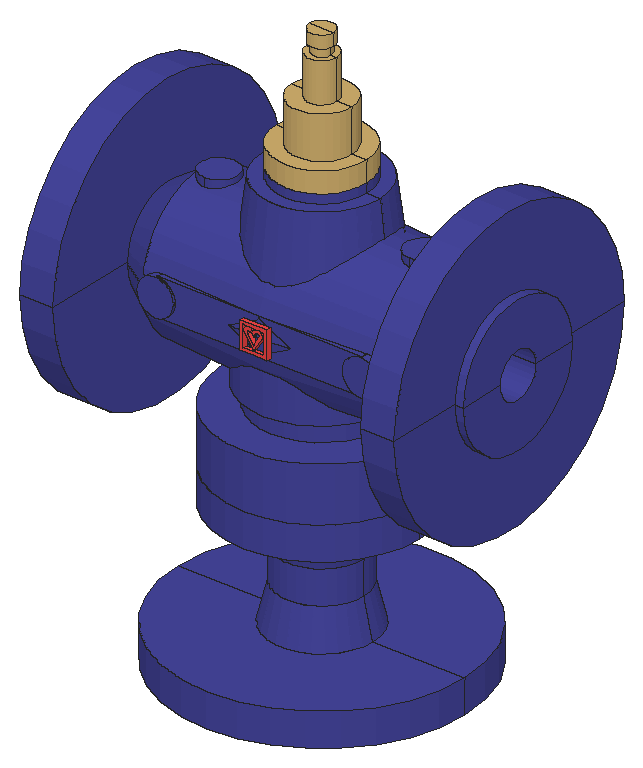
Revit family "Three Port Mixing & Diverting Valves 4037", category Rohrzubehör, Revit 2021
Family settings
  Bemaßung runder Anschluss = Durchmesser verwenden
  Teiletyp = Unterbricht
  OmniClass-Nummer = 23.65.55.14
  OmniClass-Titel = Valves for Liquid Services
  Arbeitsebenenbasiert = Nein
  Immer vertikal = Ja
  Beim Laden mit Abzugskörper schneiden = Nein
  Gemeinsam genutzt = Nein
Parameters (values of type "kvs1.6")
  kvs63 = no
  kvs6.3 = no
  kvs40 = no
  kvs4 = no
  kvs330 = no
  kvs250 = no
  kvs25 = no
  kvs2.5 = no
  kvs160 = no
  kvs16 = no
  kvs100 = no
  kvs10 = no
  kvs1.6 = yes
  kvs1 = no
  Weight [instance] = size_lookup("4037_", "Gewicht", 25, Nennweite)  # 5
  Vorgabe-Ansicht = 0 mm
  Valve seat material = "WN1.4021"  # constant formula
  Valve cones material = "WN1.4021/brass"  # constant formula
  Valve curves characteristic = "equal percentage"  # constant formula
  URL = "www.herzvalves.com"
  Stem material = "WN1.4404"  # constant formula
  SCTWSEQ = "FW;SBT_TYP_FW=\"101\";3"
  SCTWCODE = "04;05;03"  # constant formula
  SCRNSEQ = "ARM;ARM_TYP=\"MISV\";3"
  SCRNCODE = "05;18;03"  # constant formula
  R14 = 4 mm  # constant formula
  R13 = 3 mm  # constant formula
  R12 = 5 mm  # constant formula
  R11 [instance] = size_lookup("4037_", "R11", 18 mm, Nennweite)  # 10 mm
  R10 [instance] = size_lookup("4037_", "R10", 23 mm, Nennweite)  # 15 mm
  R09 [instance] = size_lookup("4037_", "R9", 49 mm, Nennweite)  # 19.5 mm
  R08 [instance] = R00 + 3 mm  # 29.5 mm
  R07 [instance] = size_lookup("4037_", "R7", 15.5 mm, Nennweite)  # 6 mm
  R06 [instance] = size_lookup("4037_", "R6", 15.5 mm, Nennweite)  # 6 mm
  R05 [instance] = size_lookup("4037_", "R5", 62.5 mm, Nennweite)  # 24 mm
  R04 [instance] = size_lookup("4037_", "R4", 59.5 mm, Nennweite)  # 21 mm
  R03 [instance] = size_lookup("4037_", "R3", 43 mm, Nennweite)  # 32.5 mm
  R02 [instance] = size_lookup("4037_", "R2", 43 mm, Nennweite)  # 14 mm
  R01 [instance] = size_lookup("4037_", "R1", 55.5 mm, Nennweite)  # 17 mm
  R00 [instance] = size_lookup("4037_", "R", 65 mm, Nennweite)  # 26.5 mm
  Part number [instance] = if(and(kvs1, Nennweite = 15 mm), 403701, if(and(kvs1.6, Nennweite = 15 mm), 403711, if(and(kvs2.5, Nennweite = 15 mm), 403721, if(and(kvs4, Nennweite = 15 mm), 403731, if(and(kvs6.3, Nennweite = 25 mm), 403703, if(and(kvs10, Nennweite = 25 mm), 403713, if(and(kvs16, Nennweite = 32 mm), 403704, if(and(kvs25, Nennweite = 40 mm), 403705, if(and(kvs40, Nennweite = 50 mm), 403706, if(and(kvs63, Nennweite = 65 mm), 403707, if(and(kvs100, Nennweite = 80 mm), 403708, if(and(kvs160, Nennweite = 100 mm), 403709, if(and(kvs250, Nennweite = 125 mm), 403710, if(and(kvs330, Nennweite = 150 mm), 403741, 0))))))))))))))  # 403711
  PN = 16  # constant formula
  Nennweite [instance] = 15 mm
  min. Operating temperature = 5 °C  # constant formula
  max. Operating temperature = 150 °C  # constant formula
  max. Operating pressure = 1600000.0 Pa  # constant formula
  Medium = "water purity in accordance with the ÖNORM H 5195 and VDI 2035 standards"
  LO1 [instance] = size_lookup("4037_", "LO1", 28.5 mm, Nennweite)  # 27.5 mm
  L07 [instance] = L06 - R06  # 34 mm
  L06 [instance] = size_lookup("4037_", "L6", 110 mm, Nennweite)  # 40 mm
  L05 [instance] = D00  # 47.5 mm
  L04 = 12.5 mm  # constant formula
  L03 = 10 mm  # constant formula
  L02 [instance] = size_lookup("4037_", "L2", 15 mm, Nennweite)  # 11 mm
  L01 = 3 mm  # constant formula
  L00 [instance] = size_lookup("4037_", "L", 145 mm, Nennweite)  # 65 mm
  Hersteller = "Herz-Armaturen GmbH"  # constant formula
  H16 [instance] = size_lookup("4037_", "H16", 22 mm, Nennweite)  # 18 mm
  H15 = 4 mm  # constant formula
  H14 [instance] = size_lookup("4037_", "H14", 17 mm, Nennweite)  # 13 mm
  H13 [instance] = size_lookup("4037_", "H13", 18 mm, Nennweite)  # 14 mm
  H12 [instance] = size_lookup("4037_", "H12", 10.5 mm, Nennweite)  # 6.8 mm
  H11 [instance] = size_lookup("4037_", "H11", 52.5 mm, Nennweite)  # 40.8 mm
  H10 [instance] = size_lookup("4037_", "H10", 135.4 mm, Nennweite)  # 80.3 mm
  H09 = 3 mm  # constant formula
  H08 [instance] = size_lookup("4037_", "H8", 79 mm, Nennweite)  # 36.5 mm
  H07 [instance] = R00  # 26.5 mm
  H06 [instance] = size_lookup("4037_", "H6", 59 mm, Nennweite)  # 24.5 mm
  H05 [instance] = size_lookup("4037_", "H5", 20 mm, Nennweite)  # 5 mm
  H04 [instance] = size_lookup("4037_", "H4", 17 mm, Nennweite)  # 13 mm
  H02 [instance] = size_lookup("4037_", "H2", 38 mm, Nennweite)  # 11 mm
  H01 [instance] = size_lookup("4037_", "H1", 208 mm, Nennweite)  # 110 mm
  H03 [instance] = size_lookup("4037_", "H3", 112 mm, Nennweite)  # 49 mm
  Valve body material = "EN-GJL-250"  # constant formula
  Sealing element material = "70EPDM"  # constant formula
  DN80 [instance] = Nennweite = 80 mm  # no
  DN65 [instance] = Nennweite = 65 mm  # no
  DN50 [instance] = Nennweite = 50 mm  # no
  DN40 [instance] = Nennweite = 40 mm  # no
  DN32 [instance] = Nennweite = 32 mm  # no
  DN25 [instance] = Nennweite = 25 mm  # no
  DN150 [instance] = Nennweite = 150 mm  # no
  DN15 [instance] = Nennweite = 15 mm  # yes
  DN125 [instance] = Nennweite = 125 mm  # no
  DN100 [instance] = Nennweite = 100 mm  # no
  D02 [instance] = Nennweite / 2  # 7.5 mm
  D01 [instance] = size_lookup("4037_", "D1", 61 mm, Nennweite)  # 22.5 mm
  D00 [instance] = size_lookup("4037_", "D", 92.5 mm, Nennweite)  # 47.5 mm
  Description = "the three port flanged valve is designed to control the flow rate of circulation water in pipelines.\r\nvalve stem with cone is moved by acting of electric actuator controlled by microprocessor controller.\r\ncirculation medium could be cold, warm and hot water in temperature range from 5°C up to 150°C.\r\n\r\nthe valve is utilized in almost all heating, ventilation and air-conditioning systems and in industrial and technological processes.\r\nthe three port flanged valve is used as a mixing valve and in the case when it should change water circulation from one pipeline to another.\r\nthe valve curve is equal percentage.\r\nregulation ratio (ratio between nominal and minimal flow coefficient) is 30:1.\r\nselection of three-way flanged valve is according to diagram of kvs values."
  Type of connection = "EN 1092-2"  # constant formula
Types (15, lengths in mm): name | kvs63 | kvs6.3 | kvs40 | kvs4 | kvs330 | kvs250 | kvs25 | kvs2.5 | kvs160 | kvs16 | kvs100 | kvs10 | kvs1.6 | kvs1 | Weight | R11 | R10 | R09 | R08 | R07 | R06 | R05 | R04 | R03 | R02 | R01 | R00 | Part number | Nennweite | Medium | LO1 | L07 | L06 | L05 | L02 | L00 | H16 | H14 | H13 | H12 | H11 | H10 | H08 | H07 | H06 | H05 | H04 | H02 | H01 | H03 | DN80 | DN65 | DN50 | DN40 | DN32 | DN25 | DN150 | DN15 | DN125 | DN100 | D02 | D01 | D00
  (no name) | no | no | no | no | no | no | no | no | no | no | no | no | yes | no | 5 | 10 | 15 | 19.5 | 29.5 | 6 | 6 | 24 | 21 | 32.5 | 14 | 17 | 26.5 | 403711 | 15 | "water purity in accordance with the ÖNORM H 5195 and VDI 2035 standards" | 27.5 | 34 | 40 | 47.5 | 11 | 65 | 18 | 13 | 14 | 6.8 | 40.8 | 80.3 | 36.5 | 26.5 | 24.5 | 5 | 13 | 11 | 110 | 49 | no | no | no | no | no | no | no | yes | no | no | 7.5 | 22.5 | 47.5
  kvs1 | no | no | no | no | no | no | no | no | no | no | no | no | no | yes | 5 | 10 | 15 | 19.5 | 29.5 | 6 | 6 | 24 | 21 | 32.5 | 14 | 17 | 26.5 | 403701 | 15 | "water purity in accordance with the ÖNORM H 5195 and VDI 2035 standards" | 27.5 | 34 | 40 | 47.5 | 11 | 65 | 18 | 13 | 14 | 6.8 | 40.8 | 80.3 | 36.5 | 26.5 | 24.5 | 5 | 13 | 11 | 110 | 49 | no | no | no | no | no | no | no | yes | no | no | 7.5 | 22.5 | 47.5
  kvs1.6 | no | no | no | no | no | no | no | no | no | no | no | no | yes | no | 5 | 10 | 15 | 19.5 | 29.5 | 6 | 6 | 24 | 21 | 32.5 | 14 | 17 | 26.5 | 403711 | 15 | "water purity in accordance with the ÖNORM H 5195 and VDI 2035 standards" | 27.5 | 34 | 40 | 47.5 | 11 | 65 | 18 | 13 | 14 | 6.8 | 40.8 | 80.3 | 36.5 | 26.5 | 24.5 | 5 | 13 | 11 | 110 | 49 | no | no | no | no | no | no | no | yes | no | no | 7.5 | 22.5 | 47.5
  kvs2.5 | no | no | no | no | no | no | no | yes | no | no | no | no | no | no | 5 | 10 | 15 | 19.5 | 29.5 | 6 | 6 | 24 | 21 | 32.5 | 14 | 17 | 26.5 | 403721 | 15 | "water purity in accordance with the ÖNORM H 5195 and VDI 2035 standards" | 27.5 | 34 | 40 | 47.5 | 11 | 65 | 18 | 13 | 14 | 6.8 | 40.8 | 80.3 | 36.5 | 26.5 | 24.5 | 5 | 13 | 11 | 110 | 49 | no | no | no | no | no | no | no | yes | no | no | 7.5 | 22.5 | 47.5
  kvs4 | no | no | no | yes | no | no | no | no | no | no | no | no | no | no | 5 | 10 | 15 | 19.5 | 29.5 | 6 | 6 | 24 | 21 | 32.5 | 14 | 17 | 26.5 | 403731 | 15 | "water purity in accordance with the ÖNORM H 5195 and VDI 2035 standards" | 27.5 | 34 | 40 | 47.5 | 11 | 65 | 18 | 13 | 14 | 6.8 | 40.8 | 80.3 | 36.5 | 26.5 | 24.5 | 5 | 13 | 11 | 110 | 49 | no | no | no | no | no | no | no | yes | no | no | 7.5 | 22.5 | 47.5
  kvs6.3 | no | yes | no | no | no | no | no | no | no | no | no | no | no | no | 8 | 10 | 15 | 19.5 | 41 | 7 | 7 | 35.5 | 32.5 | 44 | 19.5 | 28.5 | 38 | 403703 | 25 | "water purity in accordance with the ÖNORM H 5195 and VDI 2035 standards" | 40 | 45 | 52 | 57.5 | 13 | 80 | 20 | 13 | 14 | 6.8 | 40.8 | 88.3 | 44.5 | 38 | 35 | 5 | 15 | 3 | 121 | 64 | no | no | no | no | no | yes | no | no | no | no | 12.5 | 34 | 57.5
  kvs10 | no | no | no | no | no | no | no | no | no | no | no | yes | no | no | 8 | 10 | 15 | 19.5 | 41 | 7 | 7 | 35.5 | 32.5 | 44 | 19.5 | 28.5 | 38 | 403713 | 25 | "water purity in accordance with the ÖNORM H 5195 and VDI 2035 standards" | 40 | 45 | 52 | 57.5 | 13 | 80 | 20 | 13 | 14 | 6.8 | 40.8 | 88.3 | 44.5 | 38 | 35 | 5 | 15 | 3 | 121 | 64 | no | no | no | no | no | yes | no | no | no | no | 12.5 | 34 | 57.5
  kvs16 | no | no | no | no | no | no | no | no | no | yes | no | no | no | no | 11.5 | 10 | 15 | 20.5 | 46 | 9 | 9 | 40.5 | 37.5 | 49 | 24.5 | 33.5 | 43 | 403704 | 32 | "water purity in accordance with the ÖNORM H 5195 and VDI 2035 standards" | 45 | 51 | 60 | 70 | 13 | 90 | 20 | 17 | 18 | 10.5 | 52.5 | 102 | 46.5 | 43 | 39 | 15 | 15 | 4 | 142 | 84 | no | no | no | no | yes | no | no | no | no | no | 16 | 39 | 70
  kvs25 | no | no | no | no | no | no | yes | no | no | no | no | no | no | no | 13 | 10 | 15 | 20.5 | 51 | 12 | 12 | 45.5 | 42.5 | 54 | 29 | 38.5 | 48 | 403705 | 40 | "water purity in accordance with the ÖNORM H 5195 and VDI 2035 standards" | 50 | 56 | 68 | 75 | 13 | 100 | 20 | 17 | 18 | 10.5 | 52.5 | 112 | 56.5 | 48 | 43 | 20 | 15 | 1 | 149 | 94 | no | no | no | yes | no | no | no | no | no | no | 20 | 44 | 75
  kvs63 | yes | no | no | no | no | no | no | no | no | no | no | no | no | no | 25 | 18 | 23 | 49 | 68 | 15.5 | 15.5 | 62.5 | 59.5 | 71 | 43 | 55.5 | 65 | 403707 | 65 | "water purity in accordance with the ÖNORM H 5195 and VDI 2035 standards." | 68 | 94.5 | 110 | 92.5 | 15 | 145 | 22 | 17 | 18 | 10.5 | 52.5 | 135.4 | 79 | 65 | 59 | 20 | 17 | 38 | 208 | 112 | no | yes | no | no | no | no | no | no | no | no | 32.5 | 61 | 92.5
  kvs100 | no | no | no | no | no | no | no | no | no | no | yes | no | no | no | 31 | 18 | 23 | 49 | 76 | 15.5 | 15.5 | 70.5 | 67.5 | 79 | 51 | 63.5 | 73 | 403708 | 80 | "water purity in accordance with the ÖNORM H 5195 and VDI 2035 standards" | 77 | 99.5 | 115 | 100 | 17 | 155 | 24 | 17 | 18 | 10.5 | 52.5 | 168.5 | 113 | 73 | 65 | 20 | 19 | 46 | 233 | 125 | yes | no | no | no | no | no | no | no | no | no | 40 | 69 | 100
  kvs160 | no | no | no | no | no | no | no | no | yes | no | no | no | no | no | 46 | 30 | 35 | 61 | 86 | 20.5 | 20.5 | 80.5 | 77.5 | 89 | 61 | 73.5 | 83 | 403709 | 100 | "water purity in accordance with the ÖNORM H 5195 and VDI 2035 standards" | 88 | 112.5 | 133 | 110 | 17 | 175 | 24 | 21 | 22 | 14.2 | 64.2 | 189.7 | 122.5 | 83 | 73 | 25 | 19 | 65 | 262 | 135 | no | no | no | no | no | no | no | no | no | yes | 50 | 79 | 110
  kvs250 | no | no | no | no | no | yes | no | no | no | no | no | no | no | no | 72 | 30 | 35 | 61 | 101 | 20.5 | 20.5 | 95.5 | 92.5 | 104 | 76 | 88.5 | 98 | 403710 | 125 | "water purity in accordance with the ÖNORM H 5195 and VDI 2035 standards" | 103 | 134.5 | 155 | 125 | 19 | 200 | 26 | 21 | 22 | 14.2 | 64.2 | 231 | 163.5 | 98 | 80 | 30 | 21 | 44 | 268 | 158 | no | no | no | no | no | no | no | no | yes | no | 62.5 | 94 | 125
  kvs330 | no | no | no | no | yes | no | no | no | no | no | no | no | no | no | 91 | 30 | 35 | 61 | 113 | 20.5 | 20.5 | 107.5 | 104.5 | 116 | 88 | 100.5 | 110 | 403741 | 150 | "water purity in accordance with the ÖNORM H 5195 and VDI 2035 standards" | 115 | 174.5 | 195 | 142.5 | 19 | 240 | 26 | 21 | 22 | 14.2 | 64.2 | 237.5 | 170 | 110 | 85 | 25 | 21 | 42 | 261 | 153 | no | no | no | no | no | no | yes | no | no | no | 75 | 106 | 142.5
  kvs40 | no | no | yes | no | no | no | no | no | no | no | no | no | no | no | 16 | 18 | 23 | 49 | 56 | 13.5 | 13.5 | 52.5 | 49.5 | 61 | 34 | 45.5 | 53 | 403706 | 50 | "water purity in accordance with the ÖNORM H 5195 and VDI 2035 standards" | 56 | 66.5 | 80 | 82.5 | 15 | 115 | 20 | 17 | 18 | 10.5 | 52.5 | 122 | 66.5 | 53 | 43 | 1 | 15 | 42 | 167 | 67 | no | no | yes | no | no | no | no | no | no | no | 25 | 51 | 82.5
Reference planes
  plane 1 "Mitte (Vorne/hinten)": y = 0
  plane 2: z = 0
  plane 3 "Mitte (Links/rechts)": x = 0
Forms (mm)
  Revolve 1, solid, material "kunststoff-BLAU", detail levels fine
    sketch origin (1065, 0, 0) x (1, 0, 0) y (0, 1, 0)
      loop
        line (-1127, 22.5) -> (-1130, 22.5) -> (-1130, 7.5) -> (-1120, 7.5) -> (-1120, 0) -> (-1010, 0) -> (-1010, 7.5) -> (-1000, 7.5) -> (-1000, 22.5) -> (-1003, 22.5) -> (-1003, 47.5) -> (-1014, 47.5) -> (-1014, 17) -> (-1025, 24.336)
        arc (-1025, 24.336) -> (-1065, 26.5) -> (-1105, 24.336) r 370.831
        line (-1105, 24.336) -> (-1116, 17) -> (-1116, 47.5) -> (-1127, 47.5) -> (-1127, 22.5)
      axis (-1000, 0) -> (-1130, 0)
    angle from 0 to 360
  Extrusion 2, solid, material "kunststoff-BLAU", detail levels fine
    sketch origin (0, 0, 0) x (-1, 0, 0) y (0, 0, -1)
      loop
        circle (34, 0) r 6
      loop
        circle (-34, 0) r 6
    from -26.5 to 26.5
  Extrusion 3, solid, material "kunststoff-BLAU", visible <- "DN65", detail levels fine
    sketch origin (0, 0, 0) x (1, 0, 0) y (0, 1, 0)
      loop
        arc (-95, -56.907) -> (0, -68) -> (95, -56.907) r 412.331
        line (95, -56.907) -> (95, 56.907)
        arc (95, 56.907) -> (0, 68) -> (-95, 56.907) r 412.331
        line (-95, 56.907) -> (-95, -56.907)
    from -15.5 to 15.5
  Revolve 4, solid, material "kunststoff-BLAU", detail levels fine
    sketch origin (0, 0, 0) x (1, 0, 0) y (0, 0, 1)
      loop
        line (-19.5, 36.5) -> (-24, 0) -> (0, 0) -> (0, 39.5) -> (-15, 39.5) -> (-15, 36.5) -> (-19.5, 36.5)
      axis (0, 39.5) -> (0, 0)
    angle from 0 to 360
  Revolve 5, solid, material "kunststoff-BLAU", detail levels fine
    sketch origin (0, 0, 0) x (1, 0, 0) y (0, 0, 1)
      loop
        line (0, 0) -> (-24, 0) -> (-24, -24.5) -> (-21, -26) -> (-21, -31) -> (-32.5, -31) -> (-32.5, -49) -> (0, -49) -> (0, 0)
      axis (0, 0) -> (0, -49)
    angle from 0 to 360
  Revolve 6, solid, material "kunststoff-BLAU", detail levels fine
    sketch origin (0, 0, 0) x (1, 0, 0) y (0, 0, 1)
      loop
        line (-22.5, -107) -> (-22.5, -110) -> (-7.5, -110) -> (-7.5, -100) -> (0, -100) -> (0, -49) -> (-32.5, -49) -> (-32.5, -60) -> (-17, -60) -> (-14, -72.5) -> (-14, -83.5) -> (-17, -96) -> (-47.5, -96) -> (-47.5, -107) -> (-22.5, -107)
      axis (0, -49) -> (0, -110)
    angle from 0 to 360
  Extrusion 7, solid, material "kunststoff-BLAU", detail levels fine
    sketch origin (0, 0, 0) x (0, -1, 0) y (1, 0, 0)
      loop
        circle (0, -34) r 6
      loop
        circle (0, 34) r 6
    from -26.5 to 26.5
  Extrusion 8, solid, material "kunststoff-BLAU", visible <- "DN150", detail levels fine
    sketch origin (0, 0, 0) x (1, 0, 0) y (0, 1, 0)
      loop
        arc (-179.5, -78.475) -> (0, -115) -> (179.5, -78.475) r 459.331
        line (179.5, -78.475) -> (179.5, 78.475)
        arc (179.5, 78.475) -> (0, 115) -> (-179.5, 78.475) r 459.331
        line (-179.5, 78.475) -> (-179.5, -78.475)
    from -20.5 to 20.5
  Extrusion 9, solid, material "kunststoff-BLAU", visible <- "DN125", detail levels fine
    sketch origin (0, 0, 0) x (1, 0, 0) y (0, 1, 0)
      loop
        arc (-134.5, -82.301) -> (0, -103) -> (134.5, -82.301) r 447.331
        line (134.5, -82.301) -> (134.5, 82.301)
        arc (134.5, 82.301) -> (0, 103) -> (-134.5, 82.301) r 447.331
        line (-134.5, 82.301) -> (-134.5, -82.301)
    from -20.5 to 20.5
  Extrusion 10, solid, material "kunststoff-BLAU", visible <- "DN100", detail levels fine
    sketch origin (0, 0, 0) x (1, 0, 0) y (0, 1, 0)
      loop
        arc (-112.5, -73.106) -> (0, -88) -> (112.5, -73.106) r 432.331
        line (112.5, -73.106) -> (112.5, 73.106)
        arc (112.5, 73.106) -> (0, 88) -> (-112.5, 73.106) r 432.331
        line (-112.5, 73.106) -> (-112.5, -73.106)
    from -20.5 to 20.5
  Extrusion 11, solid, material "kunststoff-BLAU", visible <- "DN80", detail levels fine
    sketch origin (0, 0, 0) x (1, 0, 0) y (0, 1, 0)
      loop
        line (99.5, -65.083) -> (99.5, 65.083)
        arc (99.5, 65.083) -> (0, 77) -> (-99.5, 65.083) r 421.331
        line (-99.5, 65.083) -> (-99.5, -65.083)
        arc (-99.5, -65.083) -> (0, -77) -> (99.5, -65.083) r 421.331
    from -15.5 to 15.5
  Extrusion 12, solid, material "kunststoff-BLAU", visible <- "DN50", detail levels fine
    sketch origin (0, 0, 0) x (1, 0, 0) y (0, 1, 0)
      loop
        arc (-66.5, -50.44) -> (0, -56.006) -> (66.5, -50.44) r 400.05
        line (66.5, -50.44) -> (66.5, 50.44)
        arc (66.5, 50.44) -> (0, 56.006) -> (-66.5, 50.44) r 400.05
        line (-66.5, 50.44) -> (-66.5, -50.44)
    from -13.5 to 13.5
  Extrusion 13, solid, material "kunststoff-BLAU", visible <- "DN40", detail levels fine
    sketch origin (0, 0, 0) x (1, 0, 0) y (0, 1, 0)
      loop
        arc (-56, -46.003) -> (0, -50) -> (56, -46.003) r 394.331
        line (56, -46.003) -> (56, 46.003)
        arc (56, 46.003) -> (0, 50) -> (-56, 46.003) r 394.331
        line (-56, 46.003) -> (-56, -46.003)
    from -12 to 12
  Extrusion 14, solid, material "kunststoff-BLAU", visible <- "DN32", detail levels fine
    sketch origin (0, 0, 0) x (1, 0, 0) y (0, 1, 0)
      loop
        arc (-51, -41.645) -> (0, -45) -> (51, -41.645) r 389.331
        line (51, -41.645) -> (51, 41.645)
        arc (51, 41.645) -> (0, 45) -> (-51, 41.645) r 389.331
        line (-51, 41.645) -> (-51, -41.645)
    from -9 to 9
  Extrusion 15, solid, material "kunststoff-BLAU", visible <- "DN25", detail levels fine
    sketch origin (0, 0, 0) x (1, 0, 0) y (0, 1, 0)
      loop
        line (45, -37.356) -> (45, 37.356)
        arc (45, 37.356) -> (0, 40) -> (-45, 37.356) r 384.331
        line (-45, 37.356) -> (-45, -37.356)
        arc (-45, -37.356) -> (0, -40) -> (45, -37.356) r 384.331
    from -7 to 7
  Extrusion 16, solid, material "kunststoff-BLAU", visible <- "DN15", detail levels fine
    sketch origin (0, 0, 0) x (1, 0, 0) y (0, 1, 0)
      loop
        line (-34, 25.942) -> (-34, -25.942)
        arc (-34, -25.942) -> (0, -27.5) -> (34, -25.942) r 371.831
        line (34, -25.942) -> (34, 25.942)
        arc (34, 25.942) -> (0, 27.5) -> (-34, 25.942) r 371.831
    from -6 to 6
  Revolve 17, solid, material "Messing-poliert", detail levels fine
    sketch origin (0, 0, 0) x (1, 0, 0) y (0, 0, 1)
      loop
        line (-15, 46.3) -> (-15, 39.5) -> (0, 39.5) -> (0, 80.3) -> (-4, 80.3) -> (-4, 76.3) -> (-3, 76.3) -> (-3, 73.3) -> (-5, 73.3) -> (-5, 60.3) -> (-10, 60.3) -> (-10, 46.3) -> (-15, 46.3)
      axis (0, 80.3) -> (0, 39.5)
    angle from 0 to 360
Lines and regions (mm)
  model lines, detail levels coarse+medium
    curve 1: line (-65, 0, 47.5) -> (-65, 0, -47.5)
    curve 2: line (-65, 0, -47.5) -> (65, 0, 47.5)
    curve 3: line (65, 0, 47.5) -> (65, 0, -47.5)
    curve 4: line (65, 0, -47.5) -> (-65, 0, 47.5)
    curve 5: line (0, 0, 0) -> (47.5, 0, -110)
    curve 6: line (47.5, 0, -110) -> (-47.5, 0, -110)
    curve 7: line (-47.5, 0, -110) -> (0, 0, 0)
    curve 8: line (-65, 47.5, 0) -> (-65, -47.5, 0)
    curve 9: line (-65, -47.5, 0) -> (65, 47.5, 0)
    curve 10: line (65, 47.5, 0) -> (65, -47.5, 0)
    curve 11: line (65, -47.5, 0) -> (-65, 47.5, 0)
    curve 12: line (0, 0, 0) -> (47.5, -110, 0)
    curve 13: line (47.5, -110, 0) -> (-47.5, -110, 0)
    curve 14: line (-47.5, -110, 0) -> (0, 0, 0)
Dimensions and locks
  "L00": Revolve 1 sketch curve to plane 3 "Mitte (Links/rechts)" to Revolve 1 sketch curve
  "D00": plane 1 "Mitte (Vorne/hinten)" to Revolve 1 sketch curve  (x2)
  "D02": plane 1 "Mitte (Vorne/hinten)" to Revolve 1 sketch curve  (x2)
  "L01": Revolve 1 sketch curve to Revolve 1 sketch curve  (x2)
  "L02": Revolve 1 sketch curve to Revolve 1 sketch curve  (x2)
  "D01": plane 1 "Mitte (Vorne/hinten)" to Revolve 1 sketch curve  (x2)
  "R01": plane 1 "Mitte (Vorne/hinten)" to Revolve 1 sketch curve  (x2)
  "R00": Revolve 1 sketch curve to Revolve 1 sketch curve
  "L03": Revolve 1 sketch curve to Revolve 1 sketch curve  (x2)
  "D02": plane 3 "Mitte (Links/rechts)" to Revolve 6 sketch curve
  "R02": plane 3 "Mitte (Links/rechts)" to Revolve 6 sketch curve
  "R01": plane 3 "Mitte (Links/rechts)" to Revolve 6 sketch curve  (x2)
  "D01": plane 3 "Mitte (Links/rechts)" to Revolve 6 sketch curve
  "D00": plane 3 "Mitte (Links/rechts)" to Revolve 6 sketch curve
  "H01": plane 2 to Revolve 6 sketch curve
  "L01": Revolve 6 sketch curve to Revolve 6 sketch curve
  "L02": Revolve 6 sketch curve to Revolve 6 sketch curve  (x2)
  "L03": Revolve 6 sketch curve to Revolve 6 sketch curve
  "R03": plane 3 "Mitte (Links/rechts)" to Revolve 6 sketch curve
  "L04": Revolve 6 sketch curve to Revolve 6 sketch curve  (x2)
  "R03": Revolve 5 sketch curve to Revolve 5 sketch curve
  "H03": plane 2 to Revolve 5 sketch curve
  "H06": Revolve 5 sketch curve to Revolve 5 sketch curve
  "R04": Revolve 5 sketch curve to Revolve 5 sketch curve
  "R05": Revolve 5 sketch curve to Revolve 5 sketch curve
  "H05": Revolve 5 sketch curve to Revolve 5 sketch curve
  "L06": Revolve 1 sketch curve to plane 3 "Mitte (Links/rechts)" to Revolve 1 sketch curve
  "H03": plane 2 to Revolve 6 sketch curve
  "R09": Revolve 4 sketch curve to Revolve 4 sketch curve
  "R05": Revolve 4 sketch curve to Revolve 4 sketch curve
  "H07": Extrusion 7 to plane 2 to Extrusion 7  (x2)
  "L07": plane 3 "Mitte (Links/rechts)" to Extrusion 7 sketch curve
  "L07": Extrusion 7 sketch curve to plane 3 "Mitte (Links/rechts)"
  "H07": Extrusion 2 to plane 1 "Mitte (Vorne/hinten)"  (x3)
  "L07": plane 3 "Mitte (Links/rechts)" to Extrusion 2 sketch curve
  "L07": Extrusion 2 sketch curve to plane 3 "Mitte (Links/rechts)"
  "H07": plane 1 "Mitte (Vorne/hinten)" to Extrusion 2
  "H08": Revolve 4 sketch curve to plane 2
  "H09": Revolve 4 sketch curve to Revolve 4 sketch curve
  "R10": plane 3 "Mitte (Links/rechts)" to Revolve 4 sketch curve
  "H11": Revolve 17 sketch curve to Revolve 17 sketch curve
  "H10": Revolve 17 sketch curve to plane 2
  "R10": plane 3 "Mitte (Links/rechts)" to Revolve 17 sketch curve
  "H12": Revolve 17 sketch curve to Revolve 17 sketch curve
  "H13": Revolve 17 sketch curve to Revolve 17 sketch curve
  "H14": Revolve 17 sketch curve to Revolve 17 sketch curve
  "H15": Revolve 17 sketch curve to Revolve 17 sketch curve
  "R14": plane 3 "Mitte (Links/rechts)" to Revolve 17 sketch curve
  "R13": plane 3 "Mitte (Links/rechts)" to Revolve 17 sketch curve
  "R11": plane 3 "Mitte (Links/rechts)" to Revolve 17 sketch curve
  "R12": plane 3 "Mitte (Links/rechts)" to Revolve 17 sketch curve
  "LO1": nested 1 to plane 1 "Mitte (Vorne/hinten)"
  "H16": Revolve 5 sketch curve to Revolve 6
  "L00": curve 1 to plane 3 "Mitte (Links/rechts)" to curve 3
  "D00": curve 3 to plane 2 to curve 4
  "D00": curve 4 to plane 2 to curve 2
  "H01": plane 2 to curve 6
  "D00": curve 6 to plane 3 "Mitte (Links/rechts)" to curve 7
  "L00": curve 8 to plane 3 "Mitte (Links/rechts)" to curve 10
  "D00": curve 11 to plane 1 "Mitte (Vorne/hinten)" to curve 10
  "D00": curve 9 to plane 1 "Mitte (Vorne/hinten)" to curve 11
  "H01": curve 13 to plane 1 "Mitte (Vorne/hinten)"
  "D00": curve 14 to plane 3 "Mitte (Links/rechts)" to curve 13
  "R06": radius of Extrusion 7 sketch curve  (x2)
  "R07": radius of Extrusion 2 sketch curve  (x2)
  aligned and locked: level to plane 2
Automatic sketch dimensions
  Extrusion 3 sketch curve to plane 1 "Mitte (Vorne/hinten)" = 56.907 mm  (x2)
  Extrusion 3 sketch curve to plane 3 "Mitte (Links/rechts)" = 0 mm  (x2)
  Extrusion 3 sketch curve to Extrusion 3 sketch curve = 113.814 mm
  Extrusion 3 sketch curve to Extrusion 3 sketch curve = 287.425 mm
  Extrusion 3 sketch curve to plane 1 "Mitte (Vorne/hinten)" = 344.331 mm
  plane 3 "Mitte (Links/rechts)" to Extrusion 3 sketch curve = 95 mm
  Extrusion 8 sketch curve to plane 3 "Mitte (Links/rechts)" = 0 mm  (x2)
  Extrusion 8 sketch curve to plane 1 "Mitte (Vorne/hinten)" = 78.475 mm  (x2)
  plane 1 "Mitte (Vorne/hinten)" to Extrusion 8 sketch curve = 78.475 mm
  Extrusion 8 sketch curve to plane 3 "Mitte (Links/rechts)" = 179.5 mm
  Extrusion 8 sketch curve to Extrusion 8 sketch curve = 265.857 mm
  Extrusion 8 sketch curve to plane 1 "Mitte (Vorne/hinten)" = 344.331 mm
  plane 3 "Mitte (Links/rechts)" to Extrusion 9 sketch curve = 134.5 mm
  plane 1 "Mitte (Vorne/hinten)" to Extrusion 9 sketch curve = 82.301 mm  (x2)
  Extrusion 9 sketch curve to plane 3 "Mitte (Links/rechts)" = 0 mm  (x2)
  Extrusion 9 sketch curve to Extrusion 9 sketch curve = 262.031 mm  (x2)
  Extrusion 9 sketch curve to plane 1 "Mitte (Vorne/hinten)" = 82.301 mm
  Extrusion 10 sketch curve to plane 3 "Mitte (Links/rechts)" = 0 mm  (x2)
  plane 1 "Mitte (Vorne/hinten)" to Extrusion 10 sketch curve = 73.106 mm
  Extrusion 10 sketch curve to plane 3 "Mitte (Links/rechts)" = 112.5 mm
  Extrusion 10 sketch curve to Extrusion 10 sketch curve = 271.225 mm
  Extrusion 10 sketch curve to plane 1 "Mitte (Vorne/hinten)" = 344.331 mm
  Extrusion 10 sketch curve to plane 1 "Mitte (Vorne/hinten)" = 73.106 mm  (x2)
  Extrusion 11 sketch curve to plane 3 "Mitte (Links/rechts)" = 0 mm  (x2)
  plane 1 "Mitte (Vorne/hinten)" to Extrusion 11 sketch curve = 65.083 mm  (x2)
  Extrusion 11 sketch curve to plane 3 "Mitte (Links/rechts)" = 99.5 mm
  Extrusion 11 sketch curve to Extrusion 11 sketch curve = 279.249 mm
  Extrusion 11 sketch curve to plane 1 "Mitte (Vorne/hinten)" = 344.331 mm
  Extrusion 11 sketch curve to plane 1 "Mitte (Vorne/hinten)" = 65.083 mm
  Extrusion 12 sketch curve to plane 3 "Mitte (Links/rechts)" = 0 mm  (x2)
  Extrusion 12 sketch curve to plane 3 "Mitte (Links/rechts)" = 66.5 mm
  plane 3 "Mitte (Links/rechts)" to Extrusion 12 sketch curve = 66.5 mm
  plane 1 "Mitte (Vorne/hinten)" to Extrusion 12 sketch curve = 344.044 mm
  plane 1 "Mitte (Vorne/hinten)" to Extrusion 12 sketch curve = 50.44 mm
  Extrusion 12 sketch curve to plane 1 "Mitte (Vorne/hinten)" = 50.44 mm
  Extrusion 12 sketch curve to Extrusion 12 sketch curve = 293.604 mm
  Extrusion 13 sketch curve to plane 3 "Mitte (Links/rechts)" = 0 mm  (x2)
  Extrusion 13 sketch curve to plane 3 "Mitte (Links/rechts)" = 56 mm
  plane 3 "Mitte (Links/rechts)" to Extrusion 13 sketch curve = 56 mm
  plane 1 "Mitte (Vorne/hinten)" to Extrusion 13 sketch curve = 344.331 mm
  plane 1 "Mitte (Vorne/hinten)" to Extrusion 13 sketch curve = 46.003 mm
  Extrusion 13 sketch curve to plane 1 "Mitte (Vorne/hinten)" = 46.003 mm
  Extrusion 13 sketch curve to Extrusion 13 sketch curve = 298.328 mm
  Extrusion 14 sketch curve to plane 3 "Mitte (Links/rechts)" = 0 mm  (x2)
  Extrusion 14 sketch curve to plane 3 "Mitte (Links/rechts)" = 51 mm
  plane 3 "Mitte (Links/rechts)" to Extrusion 14 sketch curve = 51 mm
  plane 1 "Mitte (Vorne/hinten)" to Extrusion 14 sketch curve = 344.331 mm
  plane 1 "Mitte (Vorne/hinten)" to Extrusion 14 sketch curve = 41.645 mm
  Extrusion 14 sketch curve to plane 1 "Mitte (Vorne/hinten)" = 41.645 mm
  Extrusion 14 sketch curve to Extrusion 14 sketch curve = 302.686 mm
  Extrusion 15 sketch curve to plane 3 "Mitte (Links/rechts)" = 0 mm  (x2)
  Extrusion 15 sketch curve to plane 3 "Mitte (Links/rechts)" = 45 mm
  plane 3 "Mitte (Links/rechts)" to Extrusion 15 sketch curve = 45 mm
  plane 1 "Mitte (Vorne/hinten)" to Extrusion 15 sketch curve = 344.331 mm
  plane 1 "Mitte (Vorne/hinten)" to Extrusion 15 sketch curve = 37.356 mm
  Extrusion 15 sketch curve to plane 1 "Mitte (Vorne/hinten)" = 37.356 mm
  Extrusion 15 sketch curve to Extrusion 15 sketch curve = 306.975 mm
  Extrusion 16 sketch curve to plane 3 "Mitte (Links/rechts)" = 0 mm  (x2)
  Extrusion 16 sketch curve to plane 3 "Mitte (Links/rechts)" = 34 mm
  plane 3 "Mitte (Links/rechts)" to Extrusion 16 sketch curve = 34 mm
  plane 1 "Mitte (Vorne/hinten)" to Extrusion 16 sketch curve = 344.331 mm
  plane 1 "Mitte (Vorne/hinten)" to Extrusion 16 sketch curve = 25.942 mm
  Extrusion 16 sketch curve to plane 1 "Mitte (Vorne/hinten)" = 25.942 mm
  Extrusion 16 sketch curve to Extrusion 16 sketch curve = 318.389 mm
  curve 5 to level = 0 mm
  plane 1 "Mitte (Vorne/hinten)" to curve 12 = 0 mm
  Revolve 1 sketch curve to plane 1 "Mitte (Vorne/hinten)" = 0 mm
  Revolve 1 sketch curve to plane 3 "Mitte (Links/rechts)" = 0 mm
  plane 1 "Mitte (Vorne/hinten)" to Revolve 1 sketch curve = 0 mm
  plane 1 "Mitte (Vorne/hinten)" to Revolve 1 sketch curve = 344.331 mm
  Revolve 1 sketch curve to Revolve 1 sketch curve = 1855 mm  (x2)
  Extrusion 2 sketch curve to level = 0 mm  (x2)
  Revolve 4 sketch curve to level = 0 mm
  Revolve 4 sketch curve to plane 3 "Mitte (Links/rechts)" = 0 mm  (x2)
  Revolve 4 sketch curve to Revolve 4 sketch curve = 366.045 mm
  Revolve 4 sketch curve to Revolve 4 sketch curve = 2132.315 mm
  Revolve 5 sketch curve to level = 0 mm
  Revolve 5 sketch curve to plane 3 "Mitte (Links/rechts)" = 0 mm  (x2)
  Revolve 5 sketch curve to Revolve 5 sketch curve = 254.045 mm
  level to Revolve 5 sketch curve = 2214.315 mm
  Revolve 6 sketch curve to plane 3 "Mitte (Links/rechts)" = 0 mm  (x2)
  Revolve 6 sketch curve to Revolve 6 sketch curve = 158.045 mm
  level to Revolve 6 sketch curve = 2214.315 mm
  plane 1 "Mitte (Vorne/hinten)" to Extrusion 7 sketch curve = 0 mm  (x2)
  Revolve 17 sketch curve to plane 3 "Mitte (Links/rechts)" = 0 mm  (x2)
  Revolve 17 sketch curve to level = 366.045 mm
  Revolve 17 sketch curve to Revolve 17 sketch curve = 2079.815 mm
Nested families
  nested 1: "Herz-Logo-vorne" at (-0.018, -27.5, 0) x (0, 1, 0) z (0, 0, 1), type "Herz-Logo-vorne", detail levels fine
Connectors
  piping at (-65, 0, 0), diameter 15, driven by "Nennweite"
    settings: on Revolve 1, index 1, connector inside diameter 609.6 mm, connector length 0 mm, flow factor 0, pipe flow 0.0 L/s, pressure drop 0.0 Pa, fitting loss kfactor 0, connector angle 0.00°, fixture units 0, engagement length 0 mm, angle of deflection 0.00°, flow configuration 0, flow direction 1, fitting loss method 0, system type 29, joint type 0, gender type 0, connector reference index -1, connector utility 0, adjustable connector no, is connector primary yes, connector description ""
  piping at (65, 0, 0), diameter 15, driven by "Nennweite"
    settings: on Revolve 1, index 2, connector inside diameter 609.6 mm, connector length 0 mm, flow factor 0, pipe flow 0.0 L/s, pressure drop 0.0 Pa, fitting loss kfactor 0, connector angle 0.00°, fixture units 0, engagement length 0 mm, angle of deflection 0.00°, flow configuration 0, flow direction 2, fitting loss method 0, system type 29, joint type 0, gender type 0, connector reference index -1, connector utility 0, adjustable connector no, is connector primary no, connector description ""
  piping at (0, 0, -110), diameter 15, driven by "Nennweite"
    settings: on Revolve 6, index 3, connector inside diameter 609.6 mm, connector length 0 mm, flow factor 0, pipe flow 0.0 L/s, pressure drop 0.0 Pa, fitting loss kfactor 0, connector angle 0.00°, fixture units 0, engagement length 0 mm, angle of deflection 0.00°, flow configuration 0, flow direction 1, fitting loss method 0, system type 29, joint type 0, gender type 0, connector reference index -1, connector utility 0, adjustable connector no, is connector primary no, connector description ""
Definition of nested family "Herz-Logo-vorne"
  Parameters (values of type "Herz-Logo-vorne")
    Default Elevation = 0 mm
  Reference planes
    plane 1 "Mitte (Vorne/hinten)": y = 0
    plane 2: z = 0
    plane 3 "Mitte (Links/rechts)": x = 0
  Forms (mm)
    Extrusion 1, solid
      sketch origin (0.732, -0.018, 0.017) x (0, -1, 0) y (0, 0, 1)
        loop
          line (-0.018, -4.517) -> (4.482, -4.517) -> (4.482, 4.483) -> (-4.518, 4.483) -> (-4.518, -4.517) -> (-0.018, -4.517)
        loop
          line (-0.05, -3.48) -> (3.482, -3.48) -> (3.482, 3.483) -> (-3.518, 3.483) -> (-3.518, -3.48) -> (-0.05, -3.48)
        loop
          arc (-0.018, 2.383) -> (-1.543, 3.287) -> (-3.067, 2.383) r 1.738
          arc (-3.067, 2.383) -> (-3.191, 1.899) -> (-3.067, 1.415) r 1.009
          line (-3.067, 1.415) -> (-0.018, -3.281) -> (3.032, 1.415)
          arc (3.032, 1.415) -> (3.156, 1.899) -> (3.032, 2.383) r 1.009
          arc (3.032, 2.383) -> (1.507, 3.287) -> (-0.018, 2.383) r 1.738
        loop
          arc (1.885, 1.272) -> (2.005, 1.675) -> (1.885, 2.079) r 0.74
          arc (1.885, 2.079) -> (1.265, 2.416) -> (0.644, 2.079) r 0.74
          line (0.644, 2.079) -> (-0.018, 0.97) -> (-0.679, 2.079)
          arc (-0.679, 2.079) -> (-1.3, 2.416) -> (-1.921, 2.079) r 0.74
          arc (-1.921, 2.079) -> (-2.04, 1.675) -> (-1.921, 1.272) r 0.74
          line (-1.921, 1.272) -> (-0.018, -1.658) -> (1.885, 1.272)
      from 0 to 1.5
  Dimensions and locks
    aligned and locked: level to plane 2
